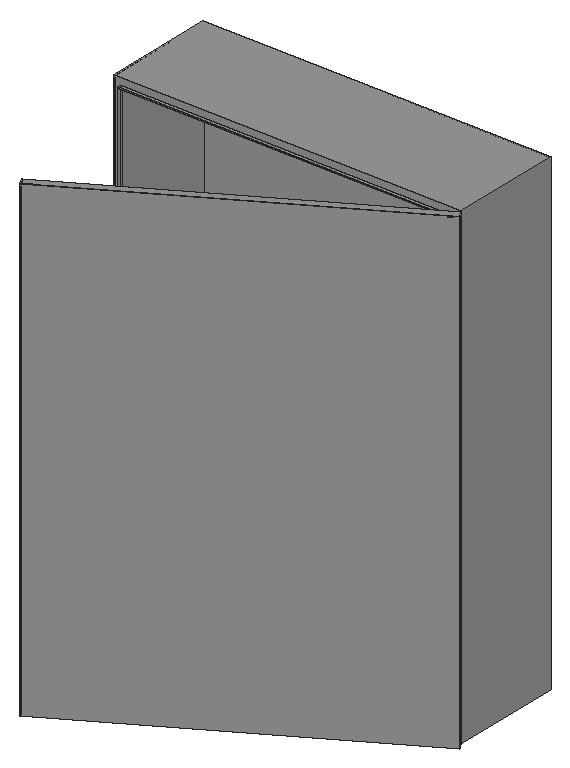
Revit family "Hager-Univers-IP55-D275-H1100-Cl.I-Steel_encl-NoHosted-CH-de", category Equipement électrique, Revit 2020
Family settings
  Configuration du panneau = Deux colonnes, circuits au sein
  Cote de connecteur circulaire = Utiliser le diamètre
  Type d'élément = Tableau de raccordement
  Basée sur le plan de construction = Oui
  Toujours verticalement = Oui
  Couper avec des vides une fois chargée = Non
  Partagée = Non
  Point de calcul de pièce = Non
Parameters (values of type "Aufputz IP55 B800 H1100 T275  - FR73E")
  Width Control [instance] = if([EF000008 - Breite] > Min Width, [EF000008 - Breite], Min Width)  # 800 mm
  Commentaires du type = [HG000003 - Bereich]  # "Univers"
  Thickness Door [instance] = if([EF009171 - Materialstärke Tür/Deckel] > 3 mm, 3 mm, [EF009171 - Materialstärke Tür/Deckel])  # 1.5 mm
  Seal Frame Offset [instance] = 17 mm  # constant formula
  Plinth Visibility [instance] = [HG000027 - Sockelhöhe] > 0 mm  # no
  Min Width [instance] = 100 mm  # constant formula
  Min Depth [instance] = (2 * [EF009170 - Materialstärke Gehäuse]) + 1 mm  # 4 mm
  Min Height [instance] = 100 mm  # constant formula
  Internal Frame Depth [instance] = (Door System Depth * 0.5)  # 9 mm
  Panel Name [instance] = ""  # (empty or 0)
  Model = ""
  HG000027 - Sockelhöhe = 0 mm
  HG000026 - Stehend auf dem Boden = no
  HG000024 - Höhe des unteren Teils = 600 mm
  HG000023 - Gehäuse mit doppeltem Querschnitt = no
  HG000016 - 3D-Türsichtbarkeit [instance] = yes
  HG000015 - Sichtbarkeit der Türöffnung [instance] = no
  HG000014 - Tür rechts [instance] = yes
  HG000013 - Tür links [instance] = not([HG000014 - Tür rechts])  # no
  HG000012 - Türschwenkwinkel [instance] = 30.00°
  HG000010 - Asymmetrische Türen = no
  HG000009 - Doppelflügeligen Tür = no
  HG000006 - Unterputz = no
  HG000004 - Herstellerreferenz = "FR73E"
  HG000003 - Bereich = "Univers"
  HG000002 - Mit tür = yes
  Frame Offset Bottom [instance] = 10 mm  # constant formula
  Frame Offset [instance] = 15 mm  # constant formula
  EF015940 - Deckel mit Überdruckentlastung = no
  EF011959 - Schutzart (NEMA) = ""
  EF009554 - Anzahl der Öffnungen für Flanschplatten = 6
  EF009212 - Ausführung Deckel = "EV000116 - geschlossen"
  EF009171 - Materialstärke Tür/Deckel = 1.5 mm
  EF009170 - Materialstärke Gehäuse = 1.5 mm
  EF008873 - Nennstrom (In) = 800 A
  EF007800 - Geeignet für Blitzschutz = no
  EF006306 - Mit Schloss = no
  EF006244 - Transparenter Deckel/Tür = no
  EF005474 - Schutzart (IP) = "EV006420 - IP55"
  EF004464 - Art der Tür = "EV002646 - Einzel"
  EF004427 - Anzahl der Module = 252
  EF004293 - Schlagfestigkeit = "EV008784 - IK10"
  EF003532 - Geeignet für Außengebrauch = no
  EF002950 - Breite in Teilungseinheiten = 24
  EF001613 - Funktionserhalt = "EV000494 - ohne"
  EF001596 - Werkstoff des Gehäuses = "EV000179 - Stahl"
  EF001131 - Innentiefe = 275 mm
  EF001088 - Anbaumöglichkeit = yes
  EF000437 - Anzahl der Leitungseinführungen = 6
  EF000339 - Art der Abdeckung = "EV004216 - Tür"
  EF000266 - Anzahl der Reihen = 7
  EF000218 - Einbautiefe = 0 mm
  EF000118 - Mit Montageplatte = no
  EF000116 - RAL-Nummer = "7035"
  EF000049 - Tiefe = 275 mm
  EF000040 - Höhe = 1100 mm
  EF000008 - Breite = 800 mm
  EF000007 - Farbe = "EV000270 - grau"
  EF000003 - Montageart = "EV000384 - Aufputz"
  Door System Leaf Tolerance [instance] = 1.5 mm  # constant formula
  Door System Depth [instance] = 18 mm  # constant formula
  Door Height [instance] = Height Control - [HG000027 - Sockelhöhe]  # 1100 mm
  Description = ""
  Default Elevation = 1219.2 mm
  Connector Offset [instance] = Height Control / 2  # 550 mm
  Fabricant = "Hager"  # constant formula
  Height Control [instance] = if([EF000040 - Höhe] > Min Height, [EF000040 - Höhe], Min Height)  # 1100 mm
  Depth Control [instance] = if([EF000049 - Tiefe] > Min Depth, [EF000049 - Tiefe], Min Depth)  # 275 mm
  Bottom Top Plate Trim [instance] = 1.5 mm  # constant formula
  Plinth height Ctrl [instance] = if([HG000027 - Sockelhöhe] > 0 mm, [HG000027 - Sockelhöhe], 12 mm)  # 12 mm
Types (5, lengths in mm): name | Width Control | HG000010 - Asymmetrische Türen | HG000009 - Doppelflügeligen Tür | HG000004 - Herstellerreferenz | EF009554 - Anzahl der Öffnungen für Flanschplatten | EF004464 - Art der Tür | EF004427 - Anzahl der Module | EF000437 - Anzahl der Leitungseinführungen | EF000008 - Breite
  Aufputz IP55 B1050 H1100 T275  - FR74E | 1050 | no | yes | "FR74E" | 8 | "EV003602 - Doppel" | 336 | 8 | 1050
  Aufputz IP55 B1300 H1100 T275  - FR75E | 1300 | yes | yes | "FR75E" | 10 | "EV003602 - Doppel" | 420 | 10 | 1300
  Aufputz IP55 B300 H1100 T275  - FR71E | 300 | no | no | "FR71E" | 2 | "EV002646 - Einzel" | 84 | 2 | 300
  Aufputz IP55 B550 H1100 T275  - FR72E | 550 | no | no | "FR72E" | 4 | "EV002646 - Einzel" | 168 | 4 | 550
  Aufputz IP55 B800 H1100 T275  - FR73E | 800 | no | no | "FR73E" | 6 | "EV002646 - Einzel" | 252 | 6 | 800
Reference planes
  plane 1 "Center (Front/Back)": y = 0
  plane 2: z = 0
  plane 3 "Center (Left/Right)": x = 0
  plane 4: y = 0
  plane 5: y = 0
  plane 6: z = 0
  plane 7: x = -400
  plane 8: x = 400
  plane 9: x = 398.5
  plane 10: x = -398.5
  plane 11: z = 0
  plane 12: z = 1.5
  plane 13: y = -275
  plane 14: y = -1.5
  plane 15: x = 0
  plane 16: y = -257
  plane 17: y = -273.5
  plane 18: y = -255.5
  plane 19: x = -383.5
  plane 20: x = 383.5
  plane 21: z = 11.5
  plane 22: x = -383
  plane 23: x = 383
  plane 24: z = 0
  plane 25: z = 1100
  plane 26: z = 1100
  plane 27: z = 1083.5
  plane 28: z = 1098.5
Forms (mm)
  Extrusion 1, solid, material "Hager_Steel_RAL7035_Light_Grey", detail levels medium+fine
    sketch origin (-208.679, -4572, 0) x (-1, 0, 0) y (0, -1, 0)
      loop
        line (191.321, -4315) -> (-608.679, -4315) -> (-608.679, -4572) -> (191.321, -4572) -> (191.321, -4315)
    from 0 to 1100
  Extrusion 2, void
    sketch origin (-350.771, -275, 1219.2) x (1, 0, 0) y (0, 0, 1)
      loop
        line (-47.729, -120.7) -> (-47.729, -1217.7) -> (749.271, -1217.7) -> (749.271, -120.7) -> (-47.729, -120.7)
    from -19.5 to -273.5
  Extrusion 3, void
    sketch origin (-290.084, -257, 1219.2) x (1, 0, 0) y (0, 0, 1)
      loop
        line (-93.416, -1207.7) -> (673.584, -1207.7) -> (673.584, -135.7) -> (-93.416, -135.7) -> (-93.416, -1207.7)
    from 0 to -1.5
  Extrusion 4, solid, material "Hager_Steel_RAL7035_Light_Grey", visible <- "Plinth Visibility", detail levels medium+fine
    sketch origin (0, 0, 0) x (1, 0, 0) y (0, 1, 0)
      loop
        line (-400, 0) -> (-400, -257) -> (400, -257) -> (400, 0) -> (-400, 0)
    from 0 to 12 <- "Plinth height Ctrl"
  Extrusion 5, solid, material "Hager_Steel_RAL7035_Light_Grey", detail levels coarse
    sketch origin (0, 0, 0) x (1, 0, 0) y (0, 1, 0)
      loop
        line (-400, 0) -> (-400, -275) -> (400, -275) -> (400, 0) -> (-400, 0)
    from 0 to 1100 <- "Height Control"
  Sweep 6, void
    path in 3D
      loop
        line (-400, -257, 12) -> (400, -257, 12) -> (400, 0, 12) -> (-400, 0, 12) -> (-400, -257, 12)
    profile origin (-400, -128.5, 12) x (1, 0, 0) y (0, 0, 1)
      loop
        line (0, 0) -> (0, -1.5) -> (1.5, -1.5)
        arc (1.5, -1.5) -> (1.061, -0.439) -> (0, 0) r 1.5
  Extrusion 7, solid, material "Hager_Steel_RAL7035_Light_Grey", detail levels fine
    sketch origin (-400, -257, 0) x (1, 0, 0) y (0, 0, 1)
      loop
        line (16.5, 11.5) -> (783.5, 11.5) -> (783.5, 1083.5) -> (16.5, 1083.5) -> (16.5, 11.5)
      loop
        line (15, 10) -> (785, 10) -> (785, 1085) -> (15, 1085) -> (15, 10)
    from 0 to 9 <- "Internal Frame Depth"
Cuts and joins
  Extrusion 2, Extrusion 3 cuts Extrusion 1
  Sweep 6 cuts Extrusion 4
Lines and regions (mm)
  Masking region 1
    outline origin (0, 0, 0) x (1, 0, 0) y (0, 1, 0)
      loop
        line (-400, 0) -> (-400, -275) -> (400, -275) -> (400, 0) -> (-400, 0)
  Masking region 2, detail levels coarse
    outline origin (-290.084, -257, 1219.2) x (-1, 0, 0) y (0, 0, 1)
      loop
        line (-690.084, -1219.2) -> (109.916, -1219.2) -> (109.916, -119.2) -> (-690.084, -119.2) -> (-690.084, -1219.2)
  Masking region 3, detail levels coarse
    outline origin (0, 0, 0) x (0, 1, 0) y (0, 0, 1)
      loop
        line (0, 0) -> (0, 1100) -> (-275, 1100) -> (-275, 0) -> (0, 0)
  Masking region 4, visible <- "Plinth Visibility", detail levels medium+fine
    outline origin (0, 0, 0) x (0, 1, 0) y (0, 0, 1)
      loop
        line (-1.5, 12) -> (-255.5, 12)
        arc (-255.5, 12) -> (-255.939, 10.939) -> (-257, 10.5) r 1.5
        line (-257, 10.5) -> (-257, 0) -> (0, 0) -> (0, 10.5)
        arc (0, 10.5) -> (-1.061, 10.939) -> (-1.5, 12) r 1.5
  Masking region 5, detail levels medium+fine
    outline origin (0, 0, 594.038) x (0, 1, 0) y (0, 0, 1)
      loop
        line (0, -594.038) -> (0, 505.962) -> (-257, 505.962) -> (-257, -594.038) -> (0, -594.038)
  Masking region 6, detail levels medium+fine
    outline origin (-359.7, -257, 1211.883) x (-1, 0, 0) y (0, 0, 1)
      loop
        line (-759.7, -1211.883) -> (40.3, -1211.883) -> (40.3, -111.883) -> (-759.7, -111.883) -> (-759.7, -1211.883)
  Masking region 7, visible <- "Plinth Visibility", detail levels medium+fine
    outline origin (-320.334, -257, 1041.368) x (-1, 0, 0) y (0, 0, 1)
      loop
        line (-720.334, -1041.368) -> (79.666, -1041.368) -> (79.666, -1030.868)
        arc (79.666, -1030.868) -> (78.606, -1030.429) -> (78.166, -1029.368) r 1.5
        line (78.166, -1029.368) -> (-718.834, -1029.368)
        arc (-718.834, -1029.368) -> (-719.273, -1030.429) -> (-720.334, -1030.868) r 1.5
        line (-720.334, -1030.868) -> (-720.334, -1041.368)
  sketch lines
    curve 1: line (-400, 0, 12) -> (-400, -257, 12)
    curve 2: line (-400, -257, 12) -> (400, -257, 12)
    curve 3: line (400, 0, 12) -> (-400, 0, 12)
    curve 4: line (400, -257, 12) -> (400, 0, 12)
Dimensions and locks
  locked: plane 1 "Center (Front/Back)" to plane 5
  "EF009170 - Materialstärke Gehäuse": plane 7 to plane 10
  "EF009170 - Materialstärke Gehäuse": plane 8 to plane 9
  equal spacing: plane 7, plane 3 "Center (Left/Right)", plane 8
  "Width Control": plane 7 to plane 8
  "Depth Control": plane 4 to plane 13
  "EF009170 - Materialstärke Gehäuse": plane 4 to plane 14
  "Height Control": plane 25 to level
  "HG000027 - Sockelhöhe": plane 11 to level
  "EF009170 - Materialstärke Gehäuse": plane 12 to plane 11
  "EF009170 - Materialstärke Gehäuse": plane 17 to plane 13
  "EF009170 - Materialstärke Gehäuse": plane 18 to plane 16
  "Frame Offset Bottom": plane 21 to plane 12
  "Frame Offset": plane 10 to plane 19
  "Frame Offset": plane 9 to plane 20
  "Door System Depth": plane 16 to plane 13
  "Seal Frame Offset": plane 7 to plane 22
  "Seal Frame Offset": plane 8 to plane 23
  "EF009170 - Materialstärke Gehäuse": plane 26 to plane 28
  "Frame Offset": plane 28 to plane 27
  "Connector Offset": plane 2 to connector elem
  "Bottom Top Plate Trim": profile plane to Sweep 6 sketch curve
  "Bottom Top Plate Trim": Sweep 6 sketch curve to Sweep 6 sketch curve
  "Plinth height Ctrl": Masking region 4 sketch curve to level
  "Plinth height Ctrl": Masking region 7 sketch curve to level
  "Thickness Door": Extrusion 7 sketch curve to Extrusion 7 sketch curve  (x4)
  "Bottom Top Plate Trim": radius of Sweep 6 sketch curve
  "Bottom Top Plate Trim": radius of Masking region 4 sketch curve  (x2)
  "Bottom Top Plate Trim": radius of Masking region 7 sketch curve  (x2)
  aligned and locked: Extrusion 2 sketch curve to plane 12
  aligned and locked: Extrusion 2 sketch curve to plane 9
  aligned and locked: Extrusion 2 sketch curve to plane 10
  aligned and locked: Extrusion 2 to plane 14
  aligned and locked: Extrusion 1 sketch curve to plane 4
  aligned and locked: plane 8 to Extrusion 1 sketch curve
  aligned and locked: plane 7 to Extrusion 1 sketch curve
  aligned and locked: Extrusion 2 to plane 18
  aligned and locked: Extrusion 3 sketch curve to plane 19
  aligned and locked: plane 20 to Extrusion 3 sketch curve
  aligned and locked: Extrusion 3 to Extrusion 2
  aligned and locked: Extrusion 3 sketch curve to plane 21
  aligned and locked: plane 3 "Center (Left/Right)" to nested 1
  aligned and locked: Extrusion 1 sketch curve to plane 16
  aligned and locked: Extrusion 4 sketch curve to cut or joined group of Extrusion 1, Extrusion 2, Extrusion 3
  aligned and locked: Masking region 1 sketch curve to plane 7
  aligned and locked: Masking region 1 sketch curve to plane 5
  aligned and locked: Masking region 1 sketch curve to plane 8
  aligned and locked: Masking region 2 sketch curve to level
  aligned and locked: level to Masking region 3 sketch curve
  aligned and locked: plane 1 "Center (Front/Back)" to Masking region 3 sketch curve
  aligned and locked: plane 13 to Masking region 3 sketch curve
  aligned and locked: plane 5 to Masking region 4 sketch curve
  aligned and locked: Masking region 2 sketch curve to plane 8
  aligned and locked: Masking region 2 sketch curve to plane 7
  aligned and locked: plane 7 to nested 2
  aligned and locked: nested 2 to plane 5
  aligned and locked: plane 5 to Masking region 5 sketch curve
  aligned and locked: plane 26 to Masking region 5 sketch curve
  aligned and locked: Extrusion 5 sketch curve to plane 8
  aligned and locked: Extrusion 5 sketch curve to plane 7
  aligned and locked: Extrusion 5 sketch curve to plane 5
  aligned and locked: Extrusion 3 sketch curve to plane 27
  aligned and locked: Extrusion 2 sketch curve to plane 28
  aligned and locked: Masking region 2 to plane 25
  aligned and locked: Extrusion 4 to plane 16
  aligned and locked: profile plane to Sweep 6 sketch curve
  aligned and locked: Masking region 5 sketch curve to plane 24
  aligned and locked: level to Masking region 4 sketch curve
  aligned and locked: Masking region 1 to plane 13
  aligned and locked: nested 1 to plane 16
  aligned and locked: Masking region 3 to plane 25
  aligned and locked: plane 16 to Masking region 4 sketch curve
  aligned and locked: Masking region 5 sketch curve to plane 16
  aligned and locked: plane 24 to plane 11
  aligned and locked: plane 26 to plane 25
  aligned and locked: plane 26 to cut or joined group of Extrusion 1, Extrusion 2, Extrusion 3
  aligned and locked: nested 1 to plane 24
  aligned and locked: Extrusion 1 to Extrusion 3
  aligned and locked: Masking region 6 sketch curve to plane 8
  aligned and locked: Masking region 6 sketch curve to plane 24
  aligned and locked: Masking region 6 sketch curve to plane 7
  aligned and locked: Masking region 6 sketch curve to plane 26
  aligned and locked: Masking region 7 sketch curve to plane 7
  aligned and locked: level to Masking region 7 sketch curve
  aligned and locked: Masking region 7 sketch curve to plane 8
  aligned and locked: Extrusion 7 sketch curve to cut or joined group of Extrusion 1, Extrusion 2, Extrusion 3  (x4)
Automatic sketch dimensions
  plane 19 to Extrusion 3 sketch curve = 0 mm
  Extrusion 3 sketch curve to plane 20 = 0 mm
  Extrusion 3 sketch curve to plane 21 = 0 mm
  Extrusion 4 sketch curve to plane 7 = 0 mm
  Extrusion 4 sketch curve to plane 8 = 0 mm
  Extrusion 4 sketch curve to plane 16 = 0 mm
  Masking region 1 sketch curve to plane 13 = 0 mm
  Masking region 2 sketch curve to plane 25 = 0 mm
  Masking region 3 sketch curve to plane 25 = 0 mm
  Extrusion 5 sketch curve to plane 13 = 0 mm
  profile plane to Sweep 6 sketch curve = 0 mm
Nested families
  nested 1: "EC000058_Univers_Door" at (0, -257, 0), Double <- "HG000009 - Doppelflügeligen Tür", Transparent <- "EF006244 - Transparenter Deckel/Tür", Angle <- "HG000012 - Türschwenkwinkel", Door_Right <- "HG000014 - Tür rechts", Assymetrical <- "HG000010 - Asymmetrische Türen", Door <- "HG000002 - Mit tür", Width_Ctrl <- "Width Control", 3d_Door <- "HG000016 - 3D-Türsichtbarkeit", Clearance <- "HG000015 - Sichtbarkeit der Türöffnung", Door_Left <- "HG000013 - Tür links", Width <- "Width Control", Door_Depth <- "Door System Depth", Leaf_Tolerance <- "Door System Leaf Tolerance", Height <- "Door Height", Lock_Visibility <- "EF006306 - Mit Schloss", Thickness <- "Thickness Door", type "EC000058_Univers_Door", detail levels medium+fine
    with min_wh 4 mm, Width_Ctrl 800 mm, Width 800 mm, Transparent no, Thickness 1.5 mm, Seal_Material Hager_Rubber, Lock_Visibility no, Lock_Material Hager_Plastic_RAL9005_Jet_Black, Leaf_Width 800 mm, Leaf_Tolerance_External_Sides 0 mm, Leaf_Tolerance 1.5 mm, Leaf_Offset 0 mm, Leaf_Height 1097 mm, Leaf_2_Width 800 mm, Leaf_2_Offset 400 mm, Leaf_1_Width 800 mm, Leaf_1_Offset 400 mm, Height_Ctrl 1100 mm, Height 1100 mm, Glass_Material Hager_Glass, Double_Clearance_Ctrl no, Double no, Door_Right_Ctrl yes, Door_Right yes, Door_Material Hager_Steel_RAL7035_Light_Grey, Door_Left_Ctrl no, Door_Left no, Door_Depth 18 mm, Door yes, Clearance_Material Hager_Clearance, Clearance_Depth 800 mm, Clearance_Ctrl no, Clearance no, Assymetrical no, Angle 30.00°, 3d_Door yes
  nested 2: "Hager_Enclosure_Symbol" at (-400, 0, 0), Height <- "Depth Control", Width <- "Width Control", type "Hager_Enclosure_Symbol"
    with Width_Ctrl 800 mm, Width 800 mm, Height_Ctrl 275 mm, Height 275 mm, A_Width_Int 18.047 mm, A_Width 216.562 mm, A_Height_Ctrl 240.625 mm, A_Height 240.625 mm
Connectors
  electrical at (0, 0, 550)
    settings: on plane 1 "Center (Front/Back)", index 1, voltage 0 V, apparent load 0 VA, apparent load phase1 0 VA, apparent load phase2 0 VA, apparent load phase3 0 VA, power factor 1, load classification "Other", number of poles 1, system type 30, power factor state 1, is connector primary yes, connector utility no, sub classification motor no, connector description ""
Definition of nested family "EC000058_Univers_Door"
  Parameters (values of type "EC000058_Univers_Door")
    min_wh [instance] = (2 * Thickness) + 1 mm  # 11 mm
    Width_Ctrl [instance] = 400 mm
    Width [instance] = 500 mm
    Transparent [instance] = yes
    Thickness [instance] = 5 mm
    Seal_Material [instance] = none
    Lock_Visibility [instance] = yes
    Lock_Material [instance] = none
    Leaf_Width [instance] = if((Width_Ctrl - 2 * Leaf_Tolerance_External_Sides) > 0 mm, (Width_Ctrl - 2 * Leaf_Tolerance_External_Sides), min_wh)  # 400 mm
    Leaf_Tolerance_External_Sides [instance] = 0 mm  # constant formula
    Leaf_Tolerance [instance] = 1.5 mm
    Leaf_Offset [instance] = 0 mm  # constant formula
    Leaf_Height [instance] = if((Height_Ctrl - 2 * Leaf_Tolerance) > 0 mm, (Height_Ctrl - 2 * Leaf_Tolerance), min_wh)  # 497 mm
    Leaf_2_Width [instance] = if(and(and(Double, Assymetrical), Door_Left), (Leaf_Width / 3) - (Leaf_Tolerance / 2), if(and(and(Double, Assymetrical), Door_Right), (Leaf_Width / 3) * 2 - (Leaf_Tolerance / 2), if(and(Double, not(Assymetrical)), (Leaf_Width / 2) - Leaf_Tolerance, Leaf_Width)))  # 400 mm
    Leaf_2_Offset [instance] = if(and(Double, Assymetrical), Leaf_2_Width / 2, if(and(Double, not(Assymetrical)), Leaf_Width / 4, Leaf_Width / 2))  # 200 mm
    Leaf_1_Width [instance] = if(and(and(Double, Assymetrical), Door_Right), (Leaf_Width / 3) - (Leaf_Tolerance / 2), if(and(and(Double, Assymetrical), Door_Left), (Width / 3) * 2 - (Leaf_Tolerance / 2), if(and(Double, not(Assymetrical)), (Leaf_Width / 2) - Leaf_Tolerance, Leaf_Width)))  # 400 mm
    Leaf_1_Offset [instance] = if(and(Double, Assymetrical), Leaf_1_Width / 2, if(and(Double, not(Assymetrical)), Leaf_Width / 4, Leaf_Width / 2))  # 200 mm
    Height_Ctrl [instance] = if(Height > min_wh, Height, min_wh)  # 500 mm
    Height [instance] = 500 mm
    Glass_Material [instance] = none
    Double_Clearance_Ctrl [instance] = and(Double, Clearance)  # no
    Double [instance] = no
    Door_Right_Ctrl [instance] = and(or(Door_Right, Double), Door)  # yes
    Door_Right [instance] = yes
    Door_Material [instance] = none
    Door_Left_Ctrl [instance] = and(or(Door_Left, Double), Door)  # no
    Door_Left [instance] = no
    Door_Depth [instance] = 30 mm
    Door [instance] = yes
    Default Elevation = 1219.2 mm
    Clearance_Material [instance] = none
    Clearance_Depth [instance] = if(Leaf_1_Width > Leaf_2_Width, Leaf_1_Width, Leaf_2_Width)  # 400 mm
    Clearance_Ctrl [instance] = and(not(Double), Clearance)  # yes
    Clearance [instance] = yes
    Assymetrical [instance] = yes
    Angle [instance] = 30.00°
    3d_Door [instance] = yes
  Reference planes
    plane 1 "Center (Front/Back)": y = 0
    plane 2 "Bottom": z = 0
    plane 3 "Center (Left/Right)": x = 0
    plane 4: z = 500
    plane 5: x = -200
    plane 6: x = 200
    plane 7: z = 500
    plane 8: x = -200
    plane 9: z = 0
    plane 10: x = 200
    plane 11: y = 0
    plane 12: z = 1.5
    plane 13: x = -600
    plane 14: y = -400
    plane 15: x = 600
    plane 16: x = 0
    plane 17: x = 0
    plane 18: x = -200
    plane 19: x = 200
    plane 20: z = 498.5
  Forms (mm)
    Extrusion 1, solid, material <- "Clearance_Material", visible <- "Double_Clearance_Ctrl"
      sketch origin (1200, 0, 0) x (1, 0, 0) y (0, 0, -1)
        loop
          line (-1800, -498.5) -> (-600, -498.5) -> (-600, 0) -> (-1800, 0) -> (-1800, -498.5)
      from 0 to -400
  Dimensions and locks
    equal spacing: plane 5, plane 3 "Center (Left/Right)", plane 6
    "Width_Ctrl": plane 5 to plane 6
    "Leaf_Offset": plane 5 to plane 8
    "Leaf_Offset": plane 6 to plane 10
    "Leaf_Offset": plane 9 to level
    "Leaf_Offset": plane 4 to plane 7
    "Height_Ctrl": plane 4 to level
    "Leaf_Tolerance": plane 12 to plane 9
    locked: plane 11 to plane 1 "Center (Front/Back)"
    "Leaf_1_Offset": plane 18 to plane 16
    "Leaf_2_Offset": plane 17 to plane 19
    "Leaf_1_Width": plane 13 to plane 8
    "Leaf_2_Width": plane 10 to plane 15
    "Clearance_Depth": plane 14 to plane 1 "Center (Front/Back)"
    "Leaf_Tolerance_External_Sides": plane 8 to plane 18
    "Leaf_Tolerance_External_Sides": plane 19 to plane 10
    "Leaf_Tolerance": plane 7 to plane 20
    aligned and locked: level to plane 2 "Bottom"
    aligned and locked: nested 1 to plane 16
    aligned and locked: nested 2 to plane 17
    aligned and locked: Extrusion 1 to plane 13
    aligned and locked: plane 15 to Extrusion 1
    aligned and locked: Extrusion 1 to plane 14
    aligned and locked: plane 12 to nested 1
    aligned and locked: nested 2 to plane 12
    aligned and locked: Extrusion 1 to plane 11
    aligned and locked: plane 20 to Extrusion 1
    aligned and locked: nested 2 to plane 11
    aligned and locked: nested 1 to plane 11
  Automatic sketch dimensions
    Extrusion 1 sketch curve to level = 0 mm
    plane 5 to Extrusion 1 sketch curve = 400 mm
    plane 6 to Extrusion 1 sketch curve = 400 mm
    Extrusion 1 sketch curve to plane 4 = 1.5 mm
  Nested families
    nested 1: "EC000058_Univers_Door_Leaf" at (0, 0, 1.5), Width <- "Leaf_1_Width", visible <- "Door_Left_Ctrl", Leaf_Height <- "Leaf_Height", Angle <- "Angle", 3d_Door <- "3d_Door", Transparent <- "Transparent", Clearance Material <- "Clearance_Material", Clearance <- "Clearance_Ctrl", Door_Material <- "Door_Material", Glass_Material <- "Glass_Material", Door_Depth <- "Door_Depth", Lock_Material <- "Lock_Material", Seal_Material <- "Seal_Material", Lock_Visibility <- "Lock_Visibility", Thickness <- "Thickness", type "EC000058_Univers_Door_Leaf"
      with Width 400 mm, Transparent_Glass_Offset 30 mm, Transparent_Ctrl yes, Transparent yes, Thickness 5 mm, Standard no, Seal_Material none, Seal_D2 8 mm, Seal_D1 1 mm, Offset_Internal_Frame 10 mm, Lock_Width 20 mm, Lock_Visibility_3d yes, Lock_Visibility yes, Lock_Thickness_3 3 mm, Lock_Thickness_2 1 mm, Lock_Thickness_1 3 mm, Lock_Radius_Offset_2 16 mm, Lock_Radius_Offset_1 15 mm, Lock_Radius_2 5 mm, Lock_Radius 6 mm, Lock_Offset 5 mm, Lock_Material none, Lock_Height 80 mm, Lock_Cover_Top_Offset_2d 17 mm, Lock_Cover_Height -65 mm, Leaf_Height 497 mm, Internal_Seal_Thickness 8 mm, Internal_Seal_Depth_2 4.5 mm, Internal_Frame_Depth 25 mm, Glass_Thickness -1 mm, Glass_Offset -2 mm, Glass_Material none, Door_Material none, Door_Depth 30 mm, Clearance Material none, Clearance yes, Angle_Ctrl 30.00°, Angle 30.00°, 3d_Door yes
    nested 2: "EC000058_Univers_Door_Leaf" at (0, 0, 1.5) x (-1, 0, 0) z (0, 0, 1), Width <- "Leaf_2_Width", visible <- "Door_Right_Ctrl", Leaf_Height <- "Leaf_Height", Angle <- "Angle", 3d_Door <- "3d_Door", Transparent <- "Transparent", Clearance Material <- "Clearance_Material", Clearance <- "Clearance_Ctrl", Door_Material <- "Door_Material", Glass_Material <- "Glass_Material", Door_Depth <- "Door_Depth", Lock_Material <- "Lock_Material", Seal_Material <- "Seal_Material", Lock_Visibility <- "Lock_Visibility", Thickness <- "Thickness", type "EC000058_Univers_Door_Leaf"
      with Width 400 mm, Transparent_Glass_Offset 30 mm, Transparent_Ctrl yes, Transparent yes, Thickness 5 mm, Standard no, Seal_Material none, Seal_D2 8 mm, Seal_D1 1 mm, Offset_Internal_Frame 10 mm, Lock_Width 20 mm, Lock_Visibility_3d yes, Lock_Visibility yes, Lock_Thickness_3 3 mm, Lock_Thickness_2 1 mm, Lock_Thickness_1 3 mm, Lock_Radius_Offset_2 16 mm, Lock_Radius_Offset_1 15 mm, Lock_Radius_2 5 mm, Lock_Radius 6 mm, Lock_Offset 5 mm, Lock_Material none, Lock_Height 80 mm, Lock_Cover_Top_Offset_2d 17 mm, Lock_Cover_Height -65 mm, Leaf_Height 497 mm, Internal_Seal_Thickness 8 mm, Internal_Seal_Depth_2 4.5 mm, Internal_Frame_Depth 25 mm, Glass_Thickness -1 mm, Glass_Offset -2 mm, Glass_Material none, Door_Material none, Door_Depth 30 mm, Clearance Material none, Clearance yes, Angle_Ctrl 30.00°, Angle 30.00°, 3d_Door yes
  Definition of nested family "EC000058_Univers_Door_Leaf"
    Parameters (values of type "EC000058_Univers_Door_Leaf")
      Width [instance] = 2000 mm
      Transparent_Glass_Offset [instance] = 30 mm
      Transparent_Ctrl [instance] = and(Transparent, [3d_Door])  # yes
      Transparent [instance] = yes
      Thickness [instance] = 5 mm
      Standard [instance] = and(not(Transparent), [3d_Door])  # no
      Seal_Material [instance] = none
      Seal_D2 [instance] = 8 mm  # constant formula
      Seal_D1 [instance] = 1 mm  # constant formula
      Offset_Internal_Frame [instance] = 10 mm  # constant formula
      Lock_Width [instance] = 20 mm  # constant formula
      Lock_Visibility_3d [instance] = and(Lock_Visibility, [3d_Door])  # yes
      Lock_Visibility [instance] = yes
      Lock_Thickness_3 [instance] = 3 mm  # constant formula
      Lock_Thickness_2 [instance] = 1 mm  # constant formula
      Lock_Thickness_1 [instance] = 3 mm  # constant formula
      Lock_Radius_Offset_2 [instance] = Lock_Radius_Offset_1 + 1 mm  # 16 mm
      Lock_Radius_Offset_1 [instance] = 15 mm  # constant formula
      Lock_Radius_2 [instance] = Lock_Radius - 1 mm  # 5 mm
      Lock_Radius [instance] = 6 mm  # constant formula
      Lock_Offset [instance] = 5 mm  # constant formula
      Lock_Material [instance] = none
      Lock_Height [instance] = 80 mm  # constant formula
      Lock_Cover_Top_Offset_2d [instance] = Lock_Radius_Offset_2 + 1 mm  # 17 mm
      Lock_Cover_Height [instance] = -(Lock_Height - Lock_Radius_Offset_1)  # -65 mm
      Leaf_Height [instance] = 2720.336 mm
      Internal_Seal_Thickness [instance] = 8 mm  # constant formula
      Internal_Seal_Depth_2 [instance] = 4.5 mm  # constant formula
      Internal_Frame_Depth [instance] = if(Door_Depth - Thickness > 5 mm, Door_Depth - Thickness, 5 mm)  # 25 mm
      Glass_Thickness [instance] = if(Thickness > 15 mm, Glass_Offset + 10 mm, -1 mm)  # -1 mm
      Glass_Offset [instance] = if(Thickness > 15 mm, -(Thickness + 10 mm) / 2, -2 mm)  # -2 mm
      Glass_Material [instance] = none
      Door_Material [instance] = none
      Door_Depth [instance] = 30 mm
      Default Elevation = 0 mm
      Clearance Material [instance] = none
      Clearance [instance] = yes
      Angle_Ctrl [instance] = if(Angle > 180.00°, 180.00°, Angle)  # 90.00°
      Angle [instance] = 90.00°
      3d_Door [instance] = yes
    Reference planes
      plane 1 "Center (Front/Back)": y = 0
      plane 2: z = 0
      plane 3 "Center (Left/Right)": x = 0
      plane 4: y = 2000
      plane 5: x = -1000
      plane 6: x = 1000
      plane 7: x = -3000
      plane 8: z = 2720.336
      plane 9: z = 30
      plane 10: z = 2690.336
      plane 11: x = 970
      plane 12: x = -970
      plane 13: y = -3
      plane 14: z = 107.833
      plane 15: y = -5
      plane 16: y = -223.314
      plane 17: x = -1000
      plane 18: z = 1360.168
      plane 19: y = 30
    Forms (mm)
      Extrusion 1, solid, material <- "Clearance Material", visible <- "Clearance"
        sketch origin (0, 0, 0) x (1, 0, 0) y (0, 0, 1)
          loop
            line (-3000, 2720.336) -> (-3000, 0) -> (1000, 0) -> (1000, 2720.336) -> (-3000, 2720.336)
        from 0 to -2000
      Extrusion 2, solid, material <- "Door_Material", visible <- "Standard", detail levels medium+fine
        sketch origin (-1000, 0, 0) x (0, 1, 0) y (-1, 0, 0)
          loop
            line (0, 30) -> (0, 25) -> (2000, 25) -> (2000, 30) -> (0, 30)
        from 0 to 2720.336 <- "Leaf_Height"
      Extrusion 3, solid, material <- "Door_Material", visible <- "Transparent_Ctrl", detail levels medium+fine
        sketch origin (-1000, 0, 0) x (0, 1, 0) y (-1, 0, 0)
          loop
            line (0, 25) -> (2000, 25) -> (2000, 30) -> (0, 30) -> (0, 25)
        from 0 to 2720.336 <- "Leaf_Height"
      Extrusion 4, void
        sketch origin (-1025, 2000, 0) x (0, 1, 0) y (0, 0, -1)
          loop
            line (-30, -2690.336) -> (-30, -30) -> (-1970, -30) -> (-1970, -2690.336) -> (-30, -2690.336)
        from 0 to 5 <- "Thickness"
      Sweep 5, solid, material <- "Seal_Material", visible <- "Transparent_Ctrl", detail levels fine
        path in 3D
          loop
            line (-1025, 30, 30) -> (-1025, 30, 2690.336) -> (-1025, 1970, 2690.336) -> (-1025, 1970, 30) -> (-1025, 30, 30)
        profile origin (-1025, 1000, 30) x (1, 0, 0) y (0, 0, 1)
          loop
            line (0, 0) -> (0, -8) -> (1, -8) -> (1, 0) -> (0, 0)
      Extrusion 6, solid, material <- "Glass_Material", visible <- "Transparent_Ctrl", detail levels medium+fine
        sketch origin (-1030, 0, 0) x (0, 1, 0) y (0, 0, -1)
          loop
            line (1970, -2690.336) -> (1970, -30) -> (30, -30) -> (30, -2690.336) -> (1970, -2690.336)
        from -2 <- "Glass_Offset" to -1 <- "Glass_Thickness"
      Extrusion 7, solid, material <- "Door_Material", visible <- "3d_Door", detail levels medium+fine
        sketch origin (-1025, 2000, 0) x (0, -1, 0) y (0, 0, -1)
          loop
            line (0, -2720.336) -> (2000, -2720.336) -> (2000, 0) -> (0, 0) -> (0, -2720.336)
          loop
            line (1995, -5) -> (5, -5) -> (5, -2715.336) -> (1995, -2715.336) -> (1995, -5)
        from 0 to 25 <- "Internal_Frame_Depth"
      Sweep 8, solid, material <- "Seal_Material", visible <- "Transparent_Ctrl", detail levels fine
        path in 3D
          loop
            line (-1025, 0, 0) -> (-1025, 2000, 0) -> (-1025, 2000, 2720.336) -> (-1025, 0, 2720.336) -> (-1025, 0, 0)
        profile origin (-1025, 0, 1360.168) x (1, 0, 0) y (0, 1, 0)
          loop
            line (0, 10) -> (2.975, 10)
            arc (2.975, 10) -> (4.053, 10.447) -> (4.5, 11.525) r 1.525
            line (4.5, 11.525) -> (4.5, 16.527)
            arc (4.5, 16.527) -> (4.069, 17.569) -> (3.027, 18) r 1.473
            line (3.027, 18) -> (0, 18) -> (0, 10)
      Extrusion 9, solid, material <- "Lock_Material", visible <- "Lock_Visibility_3d", detail levels fine
        sketch origin (-1030, 0, 0) x (0, 1, 0) y (0, 0, -1)
          loop
            arc (1993.5, -1400.168) -> (1994.561, -1399.729) -> (1995, -1398.668) r 1.5
            line (1995, -1398.668) -> (1995, -1320.168) -> (1975, -1320.168) -> (1975, -1398.668)
            arc (1975, -1398.668) -> (1975.439, -1399.729) -> (1976.5, -1400.168) r 1.5
            line (1976.5, -1400.168) -> (1993.5, -1400.168)
        from 3 <- "Lock_Thickness_1" to 0
      Blend 10, solid, material <- "Lock_Material", visible <- "Lock_Visibility_3d", detail levels fine
        base sketch origin (-1033, 0, 0) x (0, 1, 0) y (0, 0, -1)
          loop
            line (1975, -1320.168) -> (1975, -1398.668)
            arc (1975, -1398.668) -> (1975.439, -1399.729) -> (1976.5, -1400.168) r 1.5
            line (1976.5, -1400.168) -> (1993.5, -1400.168)
            arc (1993.5, -1400.168) -> (1994.561, -1399.729) -> (1995, -1398.668) r 1.5
            line (1995, -1398.668) -> (1995, -1320.168) -> (1975, -1320.168)
        top sketch origin (-1033, 0, 0) x (0, 1, 0) y (0, 0, -1)
          loop
            line (1976, -1320.168) -> (1976, -1398.668)
            arc (1976, -1398.668) -> (1976.146, -1399.022) -> (1976.5, -1399.168) r 0.5
            line (1976.5, -1399.168) -> (1993.5, -1399.168)
            arc (1993.5, -1399.168) -> (1993.854, -1399.022) -> (1994, -1398.668) r 0.5
            line (1994, -1398.668) -> (1994, -1320.168) -> (1976, -1320.168)
        from 0 to 1 <- "Lock_Thickness_2"
      Blend 11, solid, material <- "Lock_Material", visible <- "Lock_Visibility_3d", detail levels fine
        base sketch origin (-1034, 0, 0) x (0, 1, 0) y (0, 0, -1)
          loop
            line (1978, -1320.168) -> (1978, -1384.168)
            arc (1978, -1384.168) -> (1985, -1391.168) -> (1992, -1384.168) r 7
            line (1992, -1384.168) -> (1992, -1320.168) -> (1978, -1320.168)
        top sketch origin (-1034, 0, 0) x (0, 1, 0) y (0, 0, -1)
          loop
            line (1991, -1320.168) -> (1979, -1320.168) -> (1979, -1383.168)
            arc (1979, -1383.168) -> (1985, -1389.168) -> (1991, -1383.168) r 6
            line (1991, -1383.168) -> (1991, -1320.168)
        from 0 to 3 <- "Lock_Thickness_3"
      Extrusion 12, solid, material <- "Lock_Material", visible <- "Lock_Visibility_3d", detail levels fine
        sketch origin (-1030, 1975, 1320.168) x (1, 0, 0) y (0, -1, 0)
          loop
            line (-7, -19) -> (-7, -1) -> (0, -1) -> (0, 0) -> (-8, 0) -> (-8, -20) -> (0, -20) -> (0, -19) -> (-7, -19)
        from 0 to -65 <- "Lock_Cover_Height"
      Extrusion 13, void
        sketch origin (-1038, 1995, 1320.168) x (-1, 0, 0) y (0, 0, -1)
          loop
            line (-5, -65) -> (0, -65) -> (-5, -60) -> (-5, -65)
        from 0 to 20 <- "Lock_Width"
      Extrusion 14, void
        sketch origin (-1038, 1975, 1320.168) x (0, -1, 0) y (0, 0, -1)
          loop
            circle (-10, -15.995) r 6
          loop
            circle (-10, -15.995) r 5
        from 0 to 2
      Extrusion 15, solid, material <- "Lock_Material", visible <- "Lock_Visibility_3d", detail levels medium
        sketch origin (-1030, 0, 0) x (0, 1, 0) y (0, 0, -1)
          loop
            arc (1993.5, -1400.168) -> (1994.561, -1399.729) -> (1995, -1398.668) r 1.5
            line (1995, -1398.668) -> (1995, -1320.168) -> (1975, -1320.168) -> (1975, -1398.668)
            arc (1975, -1398.668) -> (1975.439, -1399.729) -> (1976.5, -1400.168) r 1.5
            line (1976.5, -1400.168) -> (1993.5, -1400.168)
        from 8 to 0
    Cuts and joins
      Extrusion 4 cuts Extrusion 3
      Extrusion 13, Extrusion 14 cuts Extrusion 9
      Extrusion 14 cuts Blend 11
      Extrusion 13, Extrusion 14 cuts Extrusion 12
      joined: Extrusion 9, Blend 10, Blend 11, Extrusion 12
      Extrusion 14 cuts Extrusion 15
    Lines and regions (mm)
      Masking region 1, visible <- "Lock_Visibility", detail levels fine
        outline origin (0, 0, 0) x (0, 1, 0) y (0, 0, 1)
          loop
            line (30, 1320.168) -> (33, 1320.168) -> (33, 1400.168) -> (30, 1400.168) -> (30, 1320.168)
      Masking region 2, visible <- "Lock_Visibility", detail levels fine
        outline origin (0, 3.143, 0) x (0, 1, 0) y (0, 0, 1)
          loop
            line (29.857, 1354.168) -> (30.857, 1354.168) -> (30.857, 1366.168) -> (29.857, 1366.168) -> (29.857, 1354.168)
      Masking region 3, detail levels medium+fine
        outline origin (0, 0, 0) x (0, 1, 0) y (0, 0, 1)
          loop
            line (0, 0) -> (30, 0) -> (30, 2720.336) -> (0, 2720.336) -> (0, 0)
      Masking region 4, detail levels medium+fine
        outline origin (0, 0, 0) x (1, 0, 0) y (0, 0, 1)
          loop
            line (-1000, 2720.336) -> (-1000, 0) -> (1000, 0) -> (1000, 2720.336) -> (-1000, 2720.336)
      Masking region 5, visible <- "Lock_Visibility", detail levels fine
        outline origin (-47.116, 0, 0) x (1, 0, 0) y (0, 0, 1)
          loop
            arc (1024.616, 1399.168) -> (1023.556, 1398.729) -> (1023.116, 1397.668) r 1.5
            line (1023.116, 1397.668) -> (1023.116, 1320.168) -> (1041.116, 1320.168) -> (1041.116, 1397.668)
            arc (1041.116, 1397.668) -> (1040.677, 1398.729) -> (1039.616, 1399.168) r 1.5
            line (1039.616, 1399.168) -> (1024.616, 1399.168)
      Masking region 6, visible <- "Lock_Visibility", detail levels medium+fine
        outline origin (-25, 0, 0) x (1, 0, 0) y (0, 0, 1)
          loop
            arc (1001.5, 1400.168) -> (1000.439, 1399.729) -> (1000, 1398.668) r 1.5
            line (1000, 1398.668) -> (1000, 1320.168) -> (1020, 1320.168) -> (1020, 1398.668)
            arc (1020, 1398.668) -> (1019.561, 1399.729) -> (1018.5, 1400.168) r 1.5
            line (1018.5, 1400.168) -> (1001.5, 1400.168)
      Masking region 7, visible <- "Lock_Visibility", detail levels fine
        outline origin (-73.735, 0, 0) x (1, 0, 0) y (0, 0, 1)
          loop
            line (1051.735, 1382.168) -> (1065.735, 1382.168) -> (1065.735, 1384.168)
            arc (1065.735, 1384.168) -> (1058.735, 1391.168) -> (1051.735, 1384.168) r 7
            line (1051.735, 1384.168) -> (1051.735, 1382.168)
      Masking region 8, visible <- "Lock_Visibility", detail levels fine
        outline origin (-73.735, 0, 0) x (1, 0, 0) y (0, 0, 1)
          loop
            line (1052.735, 1382.168) -> (1064.735, 1382.168) -> (1064.735, 1383.168)
            arc (1064.735, 1383.168) -> (1058.735, 1389.168) -> (1052.735, 1383.168) r 6
            line (1052.735, 1383.168) -> (1052.735, 1382.168)
      Masking region 9, visible <- "Lock_Visibility", detail levels fine
        outline origin (-25, 0, 0) x (1, 0, 0) y (0, 0, 1)
          loop
            line (1020, 1320.168) -> (1020, 1382.168) -> (1000, 1382.168) -> (1000, 1320.168) -> (1020, 1320.168)
      Masking region 10, detail levels medium+fine
        outline origin (0, 0, 0) x (1, 0, 0) y (0, 0, 1)
          loop
            circle (985, 1335.144) r 6
      Masking region 11, detail levels fine
        outline origin (0, 0, 0) x (1, 0, 0) y (0, 0, 1)
          loop
            circle (985, 1335.144) r 5
      Masking region 12, visible <- "Lock_Visibility", detail levels fine
        outline origin (0, 12.767, 0) x (0, 1, 0) y (0, 0, 1)
          loop
            line (20.233, 1320.168) -> (21.233, 1320.168) -> (21.233, 1399.168) -> (20.233, 1400.168) -> (20.233, 1320.168)
      Masking region 13, visible <- "Lock_Visibility", detail levels fine
        outline origin (0, 13.767, -10) x (0, 1, 0) y (0, 0, 1)
          loop
            line (20.233, 1330.168) -> (23.233, 1330.168) -> (23.233, 1399.168) -> (20.233, 1402.168) -> (20.233, 1330.168)
      Masking region 14, visible <- "Lock_Visibility", detail levels fine
        outline origin (0, 12.767, -10) x (0, 1, 0) y (0, 0, 1)
          loop
            line (20.233, 1330.168) -> (25.233, 1330.168) -> (25.233, 1399.305) -> (20.233, 1394.305) -> (20.233, 1330.168)
      Masking region 15, visible <- "Lock_Visibility", detail levels medium
        outline origin (0, 0, 0) x (0, 1, 0) y (0, 0, 1)
          loop
            line (30, 1320.168) -> (38, 1320.168) -> (38, 1400.168) -> (30, 1400.168) -> (30, 1320.168)
      Masking region 16, visible <- "Lock_Visibility", detail levels fine
        outline origin (-1000, 0, 0) x (0, 1, 0) y (-1, 0, 0)
          loop
            line (1975, 30) -> (1995, 30) -> (1995, 38) -> (1975, 38) -> (1975, 30)
          loop
            line (1979, 37) -> (1976, 37) -> (1976, 34) -> (1978, 34) -> (1979, 37)
          loop
            line (1994, 37) -> (1991, 37) -> (1992, 34) -> (1994, 34) -> (1994, 37)
      Masking region 17, visible <- "Lock_Visibility", detail levels medium
        outline origin (-1000, 0, 0) x (0, 1, 0) y (-1, 0, 0)
          loop
            line (1975, 30) -> (1995, 30) -> (1995, 38) -> (1975, 38) -> (1975, 30)
      symbolic lines
        curve 1: line (1000, 0, 0) -> (-3000, 0, 0)
        curve 2: arc (1000, 0, 0) -> (-1000, 2000, 0) -> (-3000, 0, 0) r 2000
        curve 4: line (-1030, 0, 0) -> (-1030, 2000, 0)
      reference lines
        curve 3: line (-1000, 0, 0) -> (-1000, 2000, 0)
      symbolic lines, detail levels medium+fine
        curve 5: line (-1030, 2000, 0) -> (-1025, 2000, 0)
        curve 7: line (-1025, 0, 0) -> (-1030, 0, 0)
        curve 8: line (-1025, 0, 0) -> (-1000, 0, 0)
        curve 9: line (-1000, 0, 0) -> (-1000, 2000, 0)
        curve 10: line (-1000, 2000, 0) -> (-1025, 2000, 0)
      symbolic lines, detail levels fine
        curve 6: line (-1025, 2000, 0) -> (-1025, 0, 0)
      sketch lines
        curve 11: line (-1025, 0, 2720.336) -> (-1025, 0, 0)
        curve 12: line (-1025, 2000, 0) -> (-1025, 0, 0)
        curve 13: line (-1025, 2000, 2720.336) -> (-1025, 2000, 0)
        curve 14: line (-1025, 0, 2720.336) -> (-1025, 2000, 2720.336)
        curve 15: line (-1025, 1970, 30) -> (-1025, 30, 30)
        curve 16: line (-1025, 30, 30) -> (-1025, 30, 2690.336)
        curve 17: line (-1025, 1970, 2690.336) -> (-1025, 1970, 30)
        curve 18: line (-1025, 30, 2690.336) -> (-1025, 1970, 2690.336)
      symbolic lines, visible <- "Transparent", detail levels medium+fine
        curve 19: line (-970, 0, 2690.336) -> (970, 0, 2690.336)
        curve 20: line (-970, 0, 30) -> (-970, 0, 2690.336)
        curve 21: line (970, 0, 30) -> (-970, 0, 30)
        curve 22: line (970, 0, 2690.336) -> (970, 0, 30)
    Dimensions and locks
      "Width": plane 1 "Center (Front/Back)" to plane 4
      equal spacing: plane 5, plane 3 "Center (Left/Right)", plane 6
      "Width": plane 5 to plane 6
      "Width": plane 7 to plane 5
      "Leaf_Height": plane 8 to level
      "Width": curve 5 to curve 3
      "Width": curve 3 to curve 3
      plane 8 to plane 10 = 30 mm
      plane 9 to level = 30 mm
      plane 12 to plane 5 = 30 mm
      plane 6 to plane 11 = 30 mm
      Extrusion 1 to Extrusion 4 sketch curve = 30 mm
      "Transparent_Glass_Offset": curve 3 to Extrusion 4 sketch curve
      "Transparent_Glass_Offset": Extrusion 4 sketch curve to cut or joined group of Extrusion 3, Extrusion 4  (x2)
      cut or joined group of Extrusion 3, Extrusion 4 to Extrusion 6 sketch curve = 30 mm
      "Transparent_Glass_Offset": cut or joined group of Extrusion 3, Extrusion 4 to Extrusion 4 sketch curve
      "Thickness": curve 6 to curve 4
      "Thickness": Extrusion 7 sketch curve to Extrusion 7 sketch curve  (x4)
      "Door_Depth": curve 4 to curve 3
      "Offset_Internal_Frame": profile plane to Sweep 8 sketch curve
      "Internal_Seal_Thickness": Sweep 8 sketch curve to Sweep 8 sketch curve
      "Internal_Seal_Depth_2": profile plane to Sweep 8 sketch curve
      "Seal_D1": profile plane to Sweep 5 sketch curve
      "Seal_D2": profile plane to Sweep 5 sketch curve
      "Thickness": Extrusion 2 sketch curve to Extrusion 2 sketch curve
      equal spacing: Extrusion 9 sketch curve, plane 18, Extrusion 9 sketch curve  (x2)
      equal spacing: Masking region 1 sketch curve, plane 18, Masking region 1 sketch curve
      "Lock_Height": Masking region 1 sketch curve to Masking region 1 sketch curve
      "Lock_Radius": Masking region 2 sketch curve to plane 18 to Masking region 2 sketch curve
      Masking region 2 sketch curve to Masking region 1 = 1 mm
      "Door_Depth": plane 19 to plane 1 "Center (Front/Back)"
      "Lock_Thickness_1": Masking region 1 sketch curve to plane 19
      "Lock_Width": Extrusion 9 sketch curve to Extrusion 9 sketch curve
      "Lock_Height": Extrusion 9 sketch curve to Extrusion 9 sketch curve
      "Lock_Offset": cut or joined group of Extrusion 3, Extrusion 4 to Extrusion 9 sketch curve
      equal spacing: plane 8, plane 18, level
      "Lock_Radius_Offset_1": Blend 11 sketch curve to Blend 10
      locked: Blend 10 to Blend 11 sketch curve at 2  (x2)
      locked: var sketch to Blend 11 sketch curve at 1  (x2)
      "Lock_Radius_Offset_2": Blend 11 sketch curve to Blend 10
      locked: Extrusion 12 sketch curve to Extrusion 12 sketch curve at 1  (x3)
      Masking region 6 sketch curve to Masking region 6 sketch curve = 80 mm
      "Lock_Height": Masking region 6 sketch curve to Masking region 6 sketch curve
      "Lock_Width": Masking region 6 sketch curve to Masking region 6 sketch curve
      locked: Masking region 6 to Masking region 5 sketch curve at 1  (x3)
      locked: Masking region 5 to Masking region 7 sketch curve at 2  (x2)
      "Lock_Radius_Offset_1": Masking region 5 to Masking region 7 sketch curve
      "Lock_Radius_Offset_2": Masking region 5 to Masking region 8 sketch curve
      locked: Masking region 7 to Masking region 8 sketch curve at 1  (x2)
      "Lock_Cover_Top_Offset_2d": Masking region 5 to Masking region 9 sketch curve
      equal spacing: Masking region 9, Masking region 10 sketch curve, Masking region 9
      equal spacing: Masking region 9, Masking region 11 sketch curve, Masking region 9
      Extrusion 15 sketch curve to Extrusion 15 sketch curve = 80 mm
      "Lock_Width": Extrusion 15 sketch curve to Extrusion 15 sketch curve
      "Lock_Height": Extrusion 15 sketch curve to Extrusion 15 sketch curve
      equal spacing: Extrusion 15 sketch curve, plane 18, Extrusion 15 sketch curve
      "Lock_Thickness_3": Masking region 13 sketch curve to Masking region 13 sketch curve
      "Lock_Height": Masking region 12 sketch curve to Masking region 12 sketch curve
      locked: Masking region 13 sketch curve to Masking region 1 at 8
      locked: Masking region 14 sketch curve to Masking region 13 at 1
      locked: Masking region 14 sketch curve to Masking region 1 at 10.863
      "Lock_Height": Masking region 15 sketch curve to Masking region 15 sketch curve
      "Lock_Offset": Extrusion 15 sketch curve to cut or joined group of Extrusion 3, Extrusion 4
      "Lock_Offset": plane 6 to Masking region 6 sketch curve
      radius of Sweep 8 sketch curve = 1.525 mm
      radius of Sweep 8 sketch curve = 1.473 mm
      radius of Extrusion 9 sketch curve = 1.5 mm  (x2)
      "Lock_Radius": radius of Extrusion 14 sketch curve
      "Lock_Radius_2": radius of Extrusion 14 sketch curve
      "Lock_Radius": radius of Masking region 10 sketch curve
      "Lock_Radius_2": radius of Masking region 11 sketch curve
      radius of Extrusion 15 sketch curve = 1.5 mm  (x2)
      "Angle_Ctrl": angle plane 1 "Center (Front/Back)" to curve 3
      locked: Masking region 12 sketch curve to Masking region 12 sketch curve (angle 45.00°)
      locked: Masking region 13 sketch curve to Masking region 13 sketch curve (angle 45.00°)
      locked: Masking region 14 sketch curve to Masking region 14 sketch curve (angle 45.00°)
      aligned and locked: level to plane 2
      aligned and locked: Extrusion 1 to curve 1
      aligned and locked: plane 6 to Extrusion 1
      aligned and locked: Extrusion 1 to plane 1 "Center (Front/Back)"
      aligned and locked: plane 4 to Extrusion 1
      aligned and locked: plane 8 to Extrusion 1
      aligned and locked: curve 7 to Extrusion 2 sketch curve
      aligned and locked: curve 5 to Extrusion 2 sketch curve
      aligned and locked: curve 7 to Extrusion 3 sketch curve
      aligned and locked: Extrusion 3 sketch curve to curve 4
      aligned and locked: Extrusion 3 sketch curve to curve 6
      aligned and locked: Extrusion 3 sketch curve to curve 5
      aligned and locked: curve 9 to curve 3
      aligned and locked: Extrusion 7 sketch curve to cut or joined group of Extrusion 3, Extrusion 4  (x4)
      aligned and locked: plane 17 to curve 3
      aligned and locked: plane 1 "Center (Front/Back)" to curve 3
      aligned and locked: plane 17 to plane 5
      aligned and locked: Sweep 8 sketch curve to profile plane
      aligned and locked: Sweep 5 sketch curve to profile plane  (x2)
      aligned and locked: Masking region 1 to Masking region 2 sketch curve
      aligned and locked: plane 19 to Masking region 1 sketch curve
      aligned and locked: plane 1 "Center (Front/Back)" to Masking region 3 sketch curve
      aligned and locked: plane 19 to Masking region 3 sketch curve
      aligned and locked: level to Masking region 3 sketch curve
      aligned and locked: Masking region 3 sketch curve to plane 8
      aligned and locked: plane 17 to Masking region 4 sketch curve
      aligned and locked: level to Masking region 4 sketch curve
      aligned and locked: Masking region 4 sketch curve to plane 8
      aligned and locked: plane 12 to curve 20
      aligned and locked: plane 10 to curve 19
      aligned and locked: plane 11 to curve 22
      aligned and locked: curve 21 to plane 9
      aligned and locked: Extrusion 2 sketch curve to cut or joined group of Extrusion 3, Extrusion 4
      aligned and locked: Blend 10 sketch curve to Extrusion 9  (x4)
      aligned and locked: Extrusion 9 to Blend 10 sketch curve
      aligned and locked: Blend 10 to Blend 11 sketch curve
      aligned and locked: Extrusion 12 sketch curve to Blend 11
      aligned and locked: Extrusion 12 sketch curve to Extrusion 9  (x4)
      aligned and locked: Masking region 5 sketch curve to Masking region 6
      aligned and locked: Masking region 9 sketch curve to Masking region 6  (x3)
      aligned and locked: Masking region 12 sketch curve to Masking region 1
      aligned and locked: Masking region 13 sketch curve to Masking region 1
      aligned and locked: Masking region 12 to Masking region 14
      aligned and locked: Masking region 14 sketch curve to Masking region 1
      aligned and locked: Masking region 15 sketch curve to Masking region 14
      aligned and locked: Masking region 13 sketch curve to Masking region 12
      aligned and locked: Masking region 16 sketch curve to cut or joined group of Extrusion 14, Extrusion 15  (x4)
      aligned and locked: Masking region 16 sketch curve to cut or joined group of Extrusion 9, Blend 10, Blend 11, Extrusion 12, Extrusion 13, Extrusion 14  (x6)
      aligned and locked: cut or joined group of Extrusion 9, Blend 10, Blend 11, Extrusion 12, Extrusion 13, Extrusion 14 to Masking region 16 sketch curve
      aligned and locked: Masking region 17 sketch curve to cut or joined group of Extrusion 14, Extrusion 15  (x3)
      aligned and locked: Masking region 17 sketch curve to cut or joined group of Extrusion 9, Blend 10, Blend 11, Extrusion 12, Extrusion 13, Extrusion 14
      aligned and locked: Masking region 9 to Masking region 8 sketch curve
      aligned and locked: Masking region 9 to Masking region 7 sketch curve
    Automatic sketch dimensions
      plane 1 "Center (Front/Back)" to curve 2 = 0 mm
      curve 2 to plane 5 = 0 mm
      Extrusion 1 sketch curve to level = 0 mm
      Extrusion 1 sketch curve to plane 7 = 0 mm
      Extrusion 1 sketch curve to plane 6 = 0 mm
      Extrusion 1 sketch curve to plane 8 = 0 mm
      Extrusion 3 to Extrusion 6 sketch curve = 30 mm  (x4)
      Masking region 4 sketch curve to plane 6 = 0 mm
      Blend 10 sketch curve to Extrusion 9 = 1.5 mm
      Blend 10 sketch curve to Extrusion 9 = 1 mm
      Extrusion 13 sketch curve to Extrusion 12 = 0 mm  (x2)
      Extrusion 12 to Extrusion 13 sketch curve = 3 mm
      Extrusion 13 sketch curve to Extrusion 12 = 5 mm
      Extrusion 14 sketch curve to Extrusion 14 sketch curve = 0 mm  (x2)
      Extrusion 14 sketch curve to Extrusion 12 = 10 mm
      Extrusion 14 sketch curve to Extrusion 12 = 15.995 mm
      Masking region 5 sketch curve to Masking region 5 sketch curve = 1.5 mm  (x2)
      Masking region 10 sketch curve to plane 18 = 25.024 mm
      Masking region 11 sketch curve to plane 18 = 25.024 mm
      plane 19 to Masking region 14 sketch curve = 3 mm
      Masking region 16 sketch curve to Masking region 16 sketch curve = 3 mm
      curve 4 to curve 3 = 0 mm
      Blend 10 to Blend 11 sketch curve = 0 mm
      Masking region 6 sketch curve to Masking region 6 sketch curve = 1.5 mm  (x2)
      Masking region 6 sketch curve to plane 18 = 40 mm
      plane 19 to Masking region 12 sketch curve = 3 mm
      Masking region 12 sketch curve to Masking region 12 sketch curve = 1 mm
      Masking region 15 sketch curve to plane 19 = 0 mm
      Masking region 15 sketch curve to plane 18 = 40 mm
      radius of Blend 10 sketch curve to Extrusion 9 = 1 mm
Definition of nested family "Hager_Enclosure_Symbol"
  Parameters (values of type "Hager_Enclosure_Symbol")
    Width_Ctrl [instance] = if(Width > 1 mm, Width, 1 mm)  # 102.27 mm
    Width [instance] = 102.27 mm
    Height_Ctrl [instance] = if(Height > 1 mm, Height, 1 mm)  # 66.5 mm
    A_Width_Int [instance] = if(A_Width / 12 > 2 mm, A_Width / 12, 2 mm)  # 4.364 mm
    A_Width [instance] = if(A_Height_Ctrl * 0.9 > 2 mm, A_Height_Ctrl * 0.9, 2 mm)  # 52.369 mm
    A_Height_Ctrl [instance] = if(A_Height > 2 mm, A_Height, 2 mm)  # 58.188 mm
    Height [instance] = 66.5 mm
    A_Height [instance] = Height - (Height / 8)  # 58.188 mm
  Reference planes
    plane 1 "Centre (avant/arrière)": y = 0
    plane 2: z = 0
    plane 3 "Centre (gauche/droite)": x = 0
    plane 4: x = 52.369
    plane 5: y = 33.042
    plane 6: y = 41.77
    plane 7: y = 66.5
    plane 8: x = 26.184
    plane 9: y = 37.406
    plane 10: x = 102.27
    plane 11: y = 66.5
    plane 12: y = 8.313
  Lines and regions (mm)
    Filled region 1, type "Solid_Black", in view "Niveau de réf."
      outline origin (0, 0, 0) x (1, 0, 0) y (0, 1, 0)
        loop
          line (52.369, 66.5) -> (33.188, 54.536) -> (45.365, 45.006) -> (52.369, 66.5)
    Filled region 2, type "Solid_Black", in view "Niveau de réf."
      outline origin (0, 0, 0) x (1, 0, 0) y (0, 1, 0)
        loop
          line (0, 0) -> (102.27, 0) -> (102.27, 66.5) -> (0, 0)
    detail lines, in view "Niveau de réf."
      curve 1: line (0, 8.313, 0) -> (26.184, 41.77, 0)
      curve 2: line (26.184, 41.77, 0) -> (26.184, 33.042, 0)
      curve 3: line (26.184, 33.042, 0) -> (52.369, 66.5, 0)
  Dimensions and locks
    "A_Width": plane 3 "Centre (gauche/droite)" to plane 4
    equal spacing: plane 3 "Centre (gauche/droite)", plane 8, plane 4
    equal spacing: plane 6, plane 9, plane 5
    equal spacing: curve 3, Filled region 1 sketch curve, Filled region 1 sketch curve
    "Height_Ctrl": plane 1 "Centre (avant/arrière)" to plane 11
    "A_Height_Ctrl": plane 11 to plane 12
    equal spacing: plane 11, plane 9, plane 12
    "A_Width_Int": plane 6 to plane 9
    "Width_Ctrl": plane 3 "Centre (gauche/droite)" to plane 10
    angle Filled region 1 sketch curve to curve 3 = 20.00°
    angle curve 3 to Filled region 1 sketch curve = 20.00°
    locked: curve 3 to Filled region 1 sketch curve (angle 90.00°)
    aligned and locked: plane 10 to Filled region 2
    aligned and locked: plane 11 to Filled region 2 sketch curve
    aligned and locked: plane 10 to Filled region 2 sketch curve
    aligned and locked: plane 3 "Centre (gauche/droite)" to curve 1
    aligned and locked: plane 12 to curve 1
    aligned and locked: plane 7 to plane 11
  Automatic sketch dimensions
    Filled region 1 sketch curve to plane 4 = 0 mm
    Filled region 1 sketch curve to plane 7 = 0 mm
    plane 1 "Centre (avant/arrière)" to Filled region 2 sketch curve = 0 mm
    Filled region 2 sketch curve to plane 3 "Centre (gauche/droite)" = 0 mm
    curve 2 to plane 6 = 0 mm
    curve 2 to plane 8 = 0 mm
    curve 3 to plane 4 = 0 mm
    curve 2 to plane 5 = 0 mm
    curve 3 to plane 7 = 0 mm
